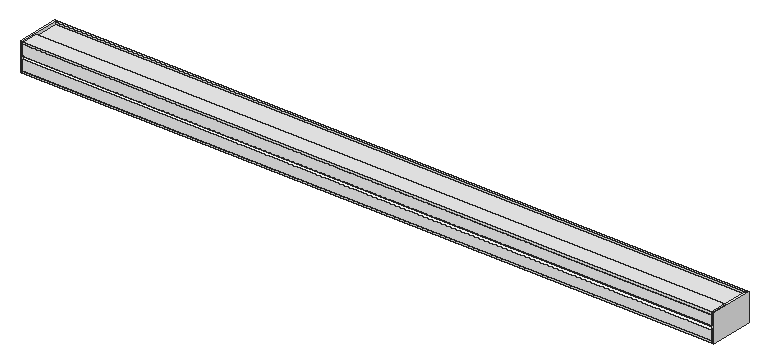
Revit family "4070755+4070747 Feilo Sylvania Lighting Fixture CURSUS 876MM 577LM WIDE LED 4K with SINGLE WALL HOUSING", category Lighting Fixtures, host Face, Revit 2017
Family settings
  Host = Face
  Round Connector Dimension = Use Diameter
  Part Type = Normal
  OmniClass Number = 23.80.70.14
  OmniClass Title = Luminaries for External Lighting
  Cut with Voids When Loaded = Yes
  Light Source = Yes
  Shared = Yes
  Room Calculation Point = No
Parameters (values of type "4070755 CURSUS 876MM 577LM WIDE LED 4K")
  Width_FEILO = 35 mm
  Weight = "1.7 kg"
  Wattage Comments = "n/a"
  Wattage = 13.5 W
  WarrantyStartDate [instance] = "n/a"
  WarrantyGuarantorParts = "n/a"
  WarrantyDurationUnit = "n/a"
  WarrantyDurationParts = "n/a"
  WarrantyDescription = "n/a"
  WallThickness_FEILO = 2.5 mm
  built-in parameter 1150110 = 1 (stored number, unit not read)
  Voltage = 24 V
  URL = "http://www.sylvania-lighting.com"
  TypeName = "CURSUS 876MM 577LM WIDE LED 4K"
  Type Image = <None>
  Type Comments = "n/a"
  built-in parameter 1114217 = 1 (stored number, unit not read)
  Tilt Angle = -90.00°
  built-in parameter 1150109 = 1 (stored number, unit not read)
  built-in parameter 1150134 = 12
  built-in parameter 1150113 = 1 (stored number, unit not read)
  SerialNumber [instance] = "n/a"
  ReflectorMaterial = none
  PowerFactor = 0
  PowerConsumption = "13.5 W"
  Photometric Web File = "4070755.ies"
  NominalLength = 876 mm
  NominalHeight = 50 mm
  NominalDepth = 30 mm
  Name = "CURSUS 876MM 577LM WIDE LED 4K"
  ModelReference = Name  # "CURSUS 876MM 577LM WIDE LED 4K"
  ModelNumber = "4070755"
  Model = Name  # "CURSUS 876MM 577LM WIDE LED 4K"
  Material = "natural anodised extruded aluminium structure housing"
  ManufacturerName = "Feilo Sylvania"
  Manufacturer = "Feilo Sylvania"
  LuminousEfficacy = "42.74 lm/W"
  built-in parameter 1150105 = 318.43 (stored number, unit not read)
  Lumens = 577 lm
  LuminaireType = ""
  built-in parameter 1150115 = 1 (stored number, unit not read)
  LightOutputRatio = "100"
  built-in parameter 1150137 = (empty or 0)
  built-in parameter 1150139 = (empty or 0)
  Length_FEILO = 882 mm
  LampsType = Lamp  # "LED"
  LampNominalLuminous = "577 lm"
  LampMacAdamStep = "n/a"
  LampColourTemperature = "4000 K"
  LampColourRenderingIndex = "80"
  built-in parameter 1150112 = 1 (stored number, unit not read)
  built-in parameter 1150114 = 1 (stored number, unit not read)
  Lamp = "LED"
  Keynote = "16500"
  InstallationDate [instance] = "n/a"
  InputVoltage = "24V DC"
  InputNominalFrequency = "n/a"
  built-in parameter 1150132 = (empty or 0)
  built-in parameter 1150102 = (empty or 0)
  built-in parameter 1150107 = 4000 (stored number, unit not read)
  built-in parameter 1150138 = (empty or 0)
  IngressProtection = "IP67"
  ImpactProtectionIndex = "IK07"
  built-in parameter 1150106 = 3.1843 (stored number, unit not read)
  IfcExportType = "IfcLightFixtureType"
  IfcExportAs = "IfcLightFixtureType"
  ExpectedLife = 50000
  EndCapRight [instance] = yes
  EndCapLeft [instance] = yes
  Emit from Rectangle Width = Width_FEILO - WallThickness_FEILO * 2  # 30 mm
  Emit from Rectangle Length = Length_FEILO - WallThickness_FEILO * 2  # 877 mm
  Emit Shape Visible in Rendering = no
  ElectricShockClassification = "Class III"
  built-in parameter 1150104 = 3.9707 (stored number, unit not read)
  DurationUnit = "hours"
  DocumentationLiterature = "http://www.sylvania-lighting.com/product/en-int/products/4070755"
  DimmingControlOptions = "n/a"
  Dimming Lamp Color Temperature Shift = <None>
  DiffuserMaterial = Diffuser-Sylvania-Glow
  Description = "LED Exterior Lighting Recessed Surface Mounted Linear Fixture, Natural anodised extruded aluminium structure. Die-cast aluminium end caps. Installation kit with harmonic steel springs., 577 lm, 13,5W,  42lm/W, 4000K, CRI80+,non dimmable,IP67, IK07, (HxWxD) 876x50x30mm, 3 step Mac Adam Ellipse, 1.7kg,, Classe III, 21-25V-DC, energy class : A++, A+, A"
  Default Elevation = 1219.2 mm
  CreatedOn = "1/8/2018"
  CreatedBy = ""
  Cost = 0
  Color Filter = 16777215
  built-in parameter 1114216 [instance] = (empty or 0)
  ClassificationValue = "EF_70_80"
  ClassificationName = "Uniclass2015"
  BodyMaterial = Body-Sylvania-Gray
  BarCode [instance] = "n/a"
  built-in parameter 1114218 = 1 (stored number, unit not read)
  built-in parameter 1150133 = 10 (stored number, unit not read)
  AssetType = "Fixed"
  AssetIdentifier [instance] = "n/a"
  Assembly Code = "D5020200"
  Apparent Load = 13.5 VA
  AccessoryMaterial = Diffuser-Sylvania-Glow
Reference planes
  plane 1 "Center (Front/Back)": y = 0
  plane 2: z = 0
  plane 3 "Center (Left/Right)": x = 0
  plane 4: x = 441
  plane 5: x = -441
  plane 6: x = -438.5
  plane 7: x = 438.5
  plane 8: z = 35
  plane 9: z = 17.5
  plane 10: z = 32.5
  plane 11: z = 2.5
  plane 12: z = 30
  plane 13: z = 5
  plane 14: y = -55
  plane 15: y = -53
  plane 16: y = -2.5
  plane 17: y = -37
  plane 18: y = -34.5
Forms (mm)
  Extrusion 1, solid, material "Body-Sylvania-Gray" <- "BodyMaterial"
    sketch origin (0, 0, 0) x (0, 1, 0) y (0, 0, 1)
      loop
        line (0, 35) -> (-2.5, 35) -> (-2.5, 32.5) -> (-34.5, 32.5) -> (-34.5, 35) -> (-55, 35) -> (-55, 32.5) -> (-37, 32.5) -> (-37, 30) -> (-2.5, 30) -> (-2.5, 5) -> (-37, 5) -> (-37, 2.5) -> (-55, 2.5) -> (-55, 0) -> (-34.5, 0) -> (-34.5, 2.5) -> (-2.5, 2.5) -> (-2.5, 0) -> (0, 0) -> (0, 35)
    from -438.5 to 438.5
  Extrusion 2, solid, material "Diffuser-Sylvania-Glow" <- "DiffuserMaterial"
    sketch origin (0, 0, 0) x (0, 1, 0) y (0, 0, 1)
      loop
        line (-37, 32.5) -> (-55, 32.5) -> (-55, 19.5) -> (-53, 17.5) -> (-55, 15.5) -> (-55, 2.5) -> (-37, 2.5) -> (-37, 32.5)
    from -438.5 to 438.5
  Extrusion 3, solid, material "Body-Sylvania-Gray" <- "BodyMaterial", visible <- "EndCapRight"
    sketch origin (438.5, 1524, 1219.2) x (0, 1, 0) y (0, 0, 1)
      loop
        line (-1579, -1184.2) -> (-1579, -1219.2) -> (-1524, -1219.2) -> (-1524, -1184.2) -> (-1579, -1184.2)
    from 0 to 2.5
  Extrusion 4, solid, material "Body-Sylvania-Gray" <- "BodyMaterial", visible <- "EndCapLeft"
    sketch origin (-438.5, 1524, 1219.2) x (0, 1, 0) y (0, 0, 1)
      loop
        line (-1579, -1184.2) -> (-1579, -1219.2) -> (-1524, -1219.2) -> (-1524, -1184.2) -> (-1579, -1184.2)
    from -2.5 to 0
Dimensions and locks
  equal spacing: plane 5, plane 3 "Center (Left/Right)", plane 4
  "Length_FEILO": plane 5 to plane 4
  equal spacing: plane 6, plane 3 "Center (Left/Right)", plane 7
  "WallThickness_FEILO": plane 5 to plane 6
  locked: plane 9 to plane 2 at 17.5
  locked: plane 8 to plane 2 at 35
  equal spacing: plane 11, plane 9, plane 10
  equal spacing: plane 13, plane 9, plane 12
  "WallThickness_FEILO": plane 12 to plane 10
  locked: plane 14 to plane 15 at 2
  locked: plane 14 to plane 17 at 18
  "WallThickness_FEILO": plane 17 to plane 18
  "WallThickness_FEILO": plane 16 to plane 1 "Center (Front/Back)"
  locked: plane 15 to Extrusion 2 sketch curve (angle 45.00°)
  locked: Extrusion 2 sketch curve to plane 15 (angle 45.00°)
  aligned and locked: plane 2 to host face
  aligned and locked: level to host face
  aligned and locked: plane 1 "Center (Front/Back)" to Extrusion 1 sketch curve
  aligned and locked: Extrusion 1 sketch curve to plane 8  (x2)
  aligned and locked: plane 16 to Extrusion 1 sketch curve
  aligned and locked: host face to Extrusion 1 sketch curve
  aligned and locked: Extrusion 1 sketch curve to plane 16  (x2)
  aligned and locked: Extrusion 1 sketch curve to plane 11
  aligned and locked: plane 18 to Extrusion 1 sketch curve
  aligned and locked: level to Extrusion 1 sketch curve
  aligned and locked: plane 11 to Extrusion 1 sketch curve
  aligned and locked: Extrusion 1 sketch curve to plane 17
  aligned and locked: plane 13 to Extrusion 1 sketch curve
  aligned and locked: Extrusion 1 sketch curve to plane 12
  aligned and locked: plane 10 to Extrusion 1 sketch curve  (x2)
  aligned and locked: plane 17 to Extrusion 1 sketch curve  (x2)
  aligned and locked: plane 12 to Extrusion 1 sketch curve
  aligned and locked: Extrusion 1 sketch curve to plane 10
  aligned and locked: Extrusion 1 sketch curve to plane 18
  aligned and locked: plane 7 to Extrusion 1
  aligned and locked: Extrusion 1 to plane 6
  aligned and locked: Extrusion 2 sketch curve to Extrusion 1  (x4)
  aligned and locked: Extrusion 1 to Extrusion 2 sketch curve
  aligned and locked: plane 9 to Extrusion 2 sketch curve
  aligned and locked: plane 7 to Extrusion 2
  aligned and locked: Extrusion 2 to plane 6
  aligned and locked: Extrusion 3 sketch curve to Extrusion 1  (x4)
  aligned and locked: plane 4 to Extrusion 3
  aligned and locked: Extrusion 3 to plane 7
  aligned and locked: Extrusion 4 sketch curve to Extrusion 3  (x3)
  aligned and locked: Extrusion 4 sketch curve to Extrusion 1
  aligned and locked: Extrusion 4 to plane 5
  aligned and locked: plane 6 to Extrusion 4
  aligned and locked: plane 14 to imposter light
  aligned and locked: imposter light to plane 9
  aligned and locked: plane 3 "Center (Left/Right)" to imposter light
Automatic sketch dimensions
  host sketch curve to host sketch curve = 2438.4 mm  (x2)
  Extrusion 1 sketch curve to plane 14 = 0 mm  (x2)
  Extrusion 2 sketch curve to plane 15 = 0 mm
Connectors
  electrical at (0, 0, 0), driven by "Apparent Load", driven by "PowerFactor", driven by "Voltage"
    settings: index 1, voltage 24 V, apparent load 13.5 VA, apparent load phase1 0 VA, apparent load phase2 0 VA, apparent load phase3 0 VA, power factor 0, load classification "Lighting", number of poles 1, system type 30, power factor state 1, is connector primary yes, connector utility no, sub classification motor no, connector description ""
